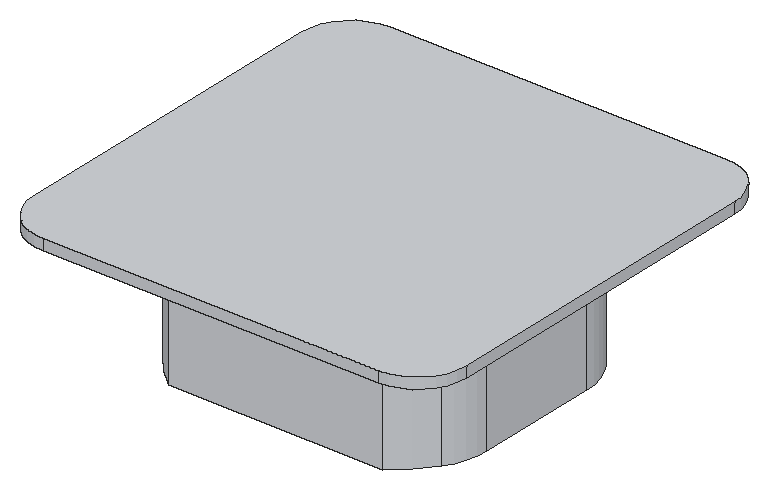
Revit family "Gira_018700", category Electrical Fixtures, host Face, Revit 2017
Family settings
  Host = Face
  Maintain Annotation Orientation = Yes
  Round Connector Dimension = Use Diameter
  Part Type = Normal
  Cut with Voids When Loaded = No
  Shared = No
  Room Calculation Point = No
Parameters
  Unterputz = "Yes"
  URL = "http://katalog.gira.de/de_DE/datenblatt.html?artikelnr=018700"
  Steckverbindertyp = "sonstige"
  Separate Kabelzugentlastung = "No"
  Schutzart (IP) = "IP20"
  Region = "DE"
  Name = "UAE/IAE-Anschlussdose 2 x 8-p SRK Einsatz"
  Mit Textfeld = "No"
  Mit Staubschutz = "No"
  Mit Buchsen/Kupplungen = "No"
  Manufacturer URL = "https://www.gira.de/"
  Keynote = "Einsatz_1fach"
  Kategorie = "3 (*en-EN)"
  Kanaleinbau = "No"
  HeinzeBIM = "https://bimportal.heinze.de/bim/uae-iae-anschlussdose-2-x-8-p-srk-einsatz/2cb61d24fa6391cf1dd9d5ad0a1dde057adf0b4e"
  HAN = "018700"
  Geeignet für Anzahl Buchsen/Kupplungen = "2 "
  GTIN = "4010337187004"
  Farbe = "sonstige"
  Designfähig = "No"
  Default Elevation = 1219.2 mm
  Data sheet (1) = "https://katalog.gira.de/de_DE/download.html?artikelnr=018700"
  Category = "Kommunikationsanschlussdose Kupfer"
  Bodentank/Unterflurmontage = "No"
  Befestigungsart = "schrauben"
  Available = "Yes"
  Auslassrichtung = "unten"
  Aufputz = "No"
  Anschlussart = "Schraube"
  Abschlusswiderstand = "No"
Reference planes
  plane 1 "Center (Front/Back)": y = 0
  plane 2: z = 0
  plane 3 "Center (Left/Right)": x = 0
Forms (mm)
  Extrusion 1, solid, detail levels fine
    sketch origin (0, 0, 0) x (1, 0, 0) y (0, 1, 0)
      loop
        line (27.475, 35.475) -> (-27.475, 35.475)
        arc (-27.475, 35.475) -> (-33.132, 33.132) -> (-35.475, 27.475) r 8
        line (-35.475, 27.475) -> (-35.475, -27.475)
        arc (-35.475, -27.475) -> (-33.132, -33.132) -> (-27.475, -35.475) r 8
        line (-27.475, -35.475) -> (27.475, -35.475)
        arc (27.475, -35.475) -> (33.132, -33.132) -> (35.475, -27.475) r 8
        line (35.475, -27.475) -> (35.475, 27.475)
        arc (35.475, 27.475) -> (33.132, 33.132) -> (27.475, 35.475) r 8
    from 0 to 1.8
  Extrusion 2, solid, detail levels fine
    sketch origin (0, 0, 0) x (1, 0, 0) y (0, 1, 0)
      loop
        line (9.678, 25.4) -> (-9.678, 25.4)
        arc (-9.678, 25.4) -> (-12.885, 24.922) -> (-15.814, 23.53) r 11
        arc (-15.814, 23.53) -> (-17.795, 22.07) -> (-19.641, 20.444) r 28.35
        arc (-19.641, 20.444) -> (-21.339, 18.665) -> (-22.876, 16.745) r 28.35
        arc (-22.876, 16.745) -> (-24.456, 13.666) -> (-25, 10.248) r 11
        line (-25, 10.248) -> (-25, -10.248)
        arc (-25, -10.248) -> (-24.456, -13.666) -> (-22.876, -16.745) r 11
        arc (-22.876, -16.745) -> (-20.409, -19.677) -> (-17.569, -22.25) r 28.35
        line (-17.569, -22.25) -> (17.569, -22.25)
        arc (17.569, -22.25) -> (20.409, -19.677) -> (22.876, -16.745) r 28.35
        arc (22.876, -16.745) -> (24.456, -13.666) -> (25, -10.248) r 11
        line (25, -10.248) -> (25, 10.248)
        arc (25, 10.248) -> (24.456, 13.666) -> (22.876, 16.745) r 11
        arc (22.876, 16.745) -> (21.593, 18.37) -> (20.195, 19.897) r 28.35
        arc (20.195, 19.897) -> (18.096, 21.823) -> (15.814, 23.53) r 28.35
        arc (15.814, 23.53) -> (12.885, 24.922) -> (9.678, 25.4) r 11
    from -22 to 0
  Extrusion 3, solid, detail levels medium
    sketch origin (0, 0, 0) x (1, 0, 0) y (0, 1, 0)
      loop
        line (-25, 25.4) -> (-25, -22.25) -> (25, -22.25) -> (25, 25.4) -> (-25, 25.4)
    from -22 to 0
  Extrusion 4, solid, detail levels coarse
    sketch origin (0, 0, 0) x (1, 0, 0) y (0, 1, 0)
      loop
        line (35.475, 35.475) -> (-35.475, 35.475) -> (-35.475, -35.475) -> (35.475, -35.475) -> (35.475, 35.475)
    from -22 to 1.8
  Extrusion 5, solid, detail levels medium
    sketch origin (0, 0, 0) x (1, 0, 0) y (0, 1, 0)
      loop
        line (35.475, 35.475) -> (-35.475, 35.475) -> (-35.475, -35.475) -> (35.475, -35.475) -> (35.475, 35.475)
    from 0 to 1.8
Dimensions and locks
  aligned and locked: plane 2 to host face
  aligned and locked: level to host face
  aligned and locked: plane 3 "Center (Left/Right)" to nested 1
  aligned and locked: plane 1 "Center (Front/Back)" to nested 1
Nested families
  nested 1: "RJ45-Datendose Beschriftung" at (0, 0, 0), type "RJ45-Datendose Beschriftung"
Connectors
  electrical at (0, 0, -22)
    settings: on Extrusion 4, index 1, voltage 220 V, apparent load 0 VA, apparent load phase1 0 VA, apparent load phase2 0 VA, apparent load phase3 0 VA, power factor 1, load classification "Other", number of poles 1, system type 30, power factor state 1, is connector primary yes, connector utility no, sub classification motor no, connector description ""
Definition of nested family "RJ45-Datendose Beschriftung"
  Reference planes
    plane 1: y = 0
    plane 2: x = 0
  Lines and regions (mm)
    Filled region 1, type "Gefüllter Bereich 1"
      outline origin (0, 0, 0) x (1, 0, 0) y (0, 1, 0)
        loop
          circle (0, 2.4) r 0.4
    detail lines
      curve 1: line (0, 0, 0) -> (0, 2, 0)
      curve 2: line (0, 2, 0) -> (1.2, 2, 0)
      curve 3: line (1.2, 2, 0) -> (1.2, 3.6, 0)
      curve 4: circle (0, 2.4, 0) r 0.4 normal (0, 0, 1)
      curve 5: line (0, 2, 0) -> (-1.2, 2, 0)
      curve 6: line (-1.2, 2, 0) -> (-1.2, 3.6, 0)
